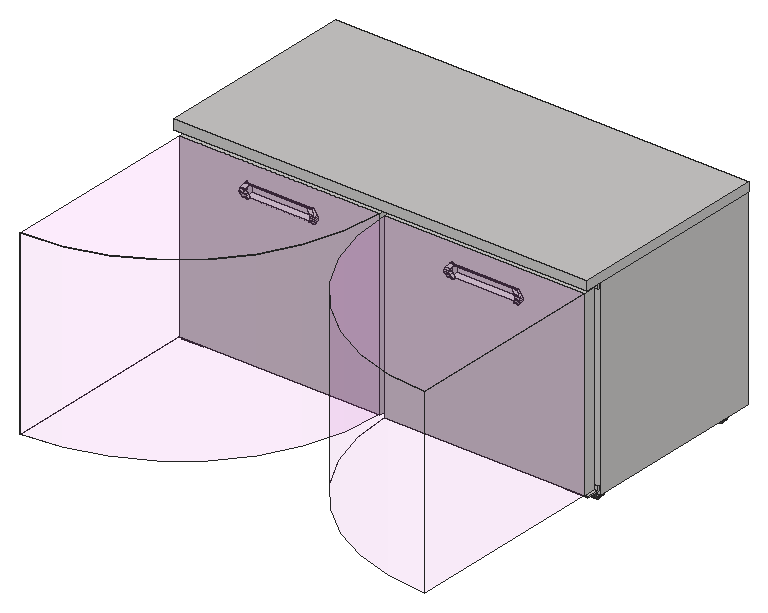
Revit family "Qf_Kelvinator_738333_KCHUC60R-32_2-Door_Under_Counter_Refrigerator_61_Long_32.5_Tall", category Specialty Equipment, Revit 2021
Family settings
  Round Connector Dimension = Use Diameter
  Part Type = Normal
  Work Plane-Based = No
  Always vertical = Yes
  Cut with Voids When Loaded = No
  Shared = No
  Room Calculation Point = No
Parameters
  Weight in Pounds = 222.667
  Watts = if(Phase = 3, Volts * FL Amps * 1.73, Volts * FL Amps)  # 345 W
  Volts = 115 V
  URL Cutsheet = ""
  Specification by User = ""
  Specification by Manufacturer = ""
  Show Clearance [instance] = yes
  Serial Number = ""
  Seismic Rating = ""
  SMACNA No = ""
  Revision Code = ""
  Refrigerant Type = "R600a"
  Phase = 1
  Number of Poles = 1
  NAFEM Spec ID Number = ""
  Model = "738333 (KCHUC60R-32)"
  Min Ckt Ampacity = 0 A
  Max Overcurrent Protection = 0 A
  Masterspec = ""
  Manufacturer = "Kelvinator Commercial"
  Length = 61 1/4"
  Item Number = "738333"
  Installed By = ""
  Identify Quantity as Lot = yes
  Height = 32 1/16"
  HP = "1/8"
  Furnished By = ""
  Foodservice Equipment Identifier = yes
  FL Amps = 3 A
  Electrical Remarks = ""
  Electric Connection Type = ""
  Elec Conn RI Height = 0"
  Elec Conn Connection Height = 0"
  Description = "2-Door Under Counter Refrigerator 61\" Long 32.5\" Tall"
  Depth = 29 15/16"
  Default Elevation = 0"
  Cycle = 60 Hz
  Conn Plug = "5-15P"
  Conn Conduit = yes
  CSI MasterFormat = ""
  Apparent Power = if(Phase = 3, Volts * FL Amps * 1.73, Volts * FL Amps)  # 345 VA
Reference planes (in)
  plane 1 "BACK": y = 0
  plane 2: z = 0
  plane 3 "LEFT": x = 0
  plane 4 "RIGHT": x = 61.22047
  plane 5 "FRONT": y = -29.92126
  plane 6 "TOP": z = 32.08661
  plane 7 "Center Y": x = 30.61024
  plane 8 "Center X": y = -14.96063
  plane 9 "Base Height": z = 2.3622
  plane 10: x = 56.88976
  plane 11: x = 61.25
  plane 12: y = -29.9375
  plane 13: z = 32.0625
Forms (in)
  Extrusion 1, solid, material "QF_Metal - Stainless - Polished"
    sketch origin (0, 0, 32.08661) x (-1, 0, 0) y (0, -1, 0)
      loop
        line (0, 0) -> (0, 29.9375) -> (-61.25, 29.9375) -> (-61.25, 0) -> (0, 0)
    from -0.02411 to -1.37795
  Extrusion 2, solid, material "QF_Metal - Stainless - Polished"
    sketch origin (61.25, 0, 32.08661) x (0, -1, 0) y (0, 0, -1)
      loop
        line (0, 1.37795) -> (27.19734, 1.37795) -> (27.19734, 29.72441) -> (11.81102, 29.72441) -> (11.81102, 20.19685) -> (0, 20.19685) -> (0, 1.37795)
    from -2.30315 to -58.91732
  Extrusion 3, solid, material "QF_Metal - Stainless - Polished"
    sketch origin (0, 0, 0) x (1, 0, 0) y (0, 0, 1)
      loop
        line (2.30315, 2.3622) -> (2.30315, 30.70866) -> (0.09843, 30.70866) -> (0.09843, 2.3622) -> (2.30315, 2.3622)
      loop
        line (61.12205, 30.70866) -> (58.91732, 30.70866) -> (58.91732, 2.3622) -> (61.12205, 2.3622) -> (61.12205, 30.70866)
    from 0 to 27.1811
  Extrusion 4, solid, material "QF_Metal - Stainless - Polished"
    sketch origin (0, 0, 0) x (0, 1, 0) y (0, 0, 1)
      loop
        arc (-27.1811, 30.2126) -> (-27.23876, 30.35179) -> (-27.37795, 30.40945) r 0.19685
        line (-27.37795, 30.40945) -> (-29.08661, 30.40945) -> (-29.08661, 30.29134) -> (-27.29921, 30.29134) -> (-27.29921, 29.66142) -> (-27.1811, 29.66142) -> (-27.1811, 30.2126)
    from 0.45276 to 3.75984
  Extrusion 5, solid, material "QF_Metal - Stainless - Polished"
    sketch origin (0, -27.1811, 0) x (1, 0, 0) y (0, 0, 1)
      loop
        line (30.21654, 29.96063) -> (0.61024, 29.96063) -> (0.61024, 3.16929) -> (30.21654, 3.16929) -> (30.21654, 29.96063)
      loop
        line (31.00394, 29.96063) -> (31.00394, 3.16929) -> (60.61024, 3.16929) -> (60.61024, 29.96063) -> (31.00394, 29.96063)
    from 0.61024 to 2.3937
  Revolve 6, solid, material "QF_Metal - Stainless - Polished"
    sketch origin (1.20079, -180, 31.37695) x (0, 0, 1) y (0, -1, 0)
      loop
        line (-1.41632, -151.31693) -> (-1.41632, -151.45472) -> (-0.9675, -151.45472)
        arc (-0.9675, -151.45472) -> (-0.93232, -151.44015) -> (-0.91774, -151.40497) r 0.04975
        line (-0.91774, -151.40497) -> (-0.91774, -151.31693) -> (-1.41632, -151.31693)
      axis (-0.91774, -151.31693) -> (-1.41632, -151.31693)
    angle from 0 to 360
  Extrusion 7, solid, material "QF_Metal - Stainless - Polished"
    sketch origin (61.22047, 0, 0) x (0, 1, 0) y (0, 0, -1)
      loop
        line (-27.1811, -30.2126) -> (-27.1811, -29.66142) -> (-27.29921, -29.66142) -> (-27.29921, -30.29134) -> (-29.08661, -30.29134) -> (-29.08661, -30.40945) -> (-27.37795, -30.40945)
        arc (-27.37795, -30.40945) -> (-27.23876, -30.35179) -> (-27.1811, -30.2126) r 0.19685
    from 0.45276 to 3.75984
  Revolve 8, solid, material "QF_Metal - Stainless - Polished"
    sketch origin (60.01969, -180, 31.37695) x (0, 0, 1) y (0, 1, 0)
      loop
        line (-1.41632, 151.31693) -> (-0.91774, 151.31693) -> (-0.91774, 151.40497)
        arc (-0.91774, 151.40497) -> (-0.93232, 151.44015) -> (-0.9675, 151.45472) r 0.04975
        line (-0.9675, 151.45472) -> (-1.41632, 151.45472) -> (-1.41632, 151.31693)
      axis (-0.91774, 151.31693) -> (-1.41632, 151.31693)
    angle from 0 to 360
  Extrusion 9, solid, material "QF_Metal - Stainless - Polished"
    sketch origin (0, 0, 33.12992) x (0, 1, 0) y (0, 0, 1)
      loop
        line (-27.1811, -30.2126) -> (-27.1811, -29.66142) -> (-27.29921, -29.66142) -> (-27.29921, -30.29134) -> (-29.08661, -30.29134) -> (-29.08661, -30.40945) -> (-27.37795, -30.40945)
        arc (-27.37795, -30.40945) -> (-27.23876, -30.35179) -> (-27.1811, -30.2126) r 0.19685
    from 0.45276 to 3.75984
  Revolve 10, solid, material "QF_Metal - Stainless - Polished"
    sketch origin (1.20079, -180, 1.75298) x (0, 0, -1) y (0, 1, 0)
      loop
        line (-1.41632, 151.31693) -> (-0.91774, 151.31693) -> (-0.91774, 151.40497)
        arc (-0.91774, 151.40497) -> (-0.93232, 151.44015) -> (-0.9675, 151.45472) r 0.04975
        line (-0.9675, 151.45472) -> (-1.41632, 151.45472) -> (-1.41632, 151.31693)
      axis (-0.91774, 151.31693) -> (-1.41632, 151.31693)
    angle from 0 to 360
  Extrusion 11, solid, material "QF_Metal - Stainless - Polished"
    sketch origin (61.22047, 0, 33.12992) x (0, 1, 0) y (0, 0, -1)
      loop
        arc (-27.1811, 30.2126) -> (-27.23876, 30.35179) -> (-27.37795, 30.40945) r 0.19685
        line (-27.37795, 30.40945) -> (-29.08661, 30.40945) -> (-29.08661, 30.29134) -> (-27.29921, 30.29134) -> (-27.29921, 29.66142) -> (-27.1811, 29.66142) -> (-27.1811, 30.2126)
    from 0.45276 to 3.75984
  Revolve 12, solid, material "QF_Metal - Stainless - Polished"
    sketch origin (60.01969, -180, 1.75298) x (0, 0, -1) y (0, -1, 0)
      loop
        line (-1.41632, -151.31693) -> (-1.41632, -151.45472) -> (-0.9675, -151.45472)
        arc (-0.9675, -151.45472) -> (-0.93232, -151.44015) -> (-0.91774, -151.40497) r 0.04975
        line (-0.91774, -151.40497) -> (-0.91774, -151.31693) -> (-1.41632, -151.31693)
      axis (-0.91774, -151.31693) -> (-1.41632, -151.31693)
    angle from 0 to 360
  Extrusion 13, void
    sketch origin (0.61024, -27.1811, 30.40945) x (0, 0, 1) y (0, 1, 0)
      loop
        line (-3.18898, -2.3937) -> (-2.568, -2.10413) -> (-2.568, -1.51358) -> (-4.86745, -1.51358) -> (-5.10327, -2.3937) -> (-5.10327, -2.89858) -> (-3.18898, -2.89858) -> (-3.18898, -2.3937)
    from -9.9244 to -19.68047
  Extrusion 14, solid, material "QF_Metal - Stainless - Polished"
    sketch origin (0.61024, -27.1811, 30.40945) x (0, 0, 1) y (0, 1, 0)
      loop
        arc (-4.01855, -2.88583) -> (-3.90374, -2.87427) -> (-3.79354, -2.84005) r 0.57588
        line (-3.79354, -2.84005) -> (-3.2345, -2.60275)
        arc (-3.2345, -2.60275) -> (-3.20123, -2.5711) -> (-3.18898, -2.52684) r 0.08605
        line (-3.18898, -2.52684) -> (-3.18898, -2.3937) -> (-5.15748, -2.3937) -> (-5.15748, -2.52684)
        arc (-5.15748, -2.52684) -> (-5.14523, -2.5711) -> (-5.11196, -2.60275) r 0.08605
        line (-5.11196, -2.60275) -> (-4.55294, -2.84004)
        arc (-4.55294, -2.84004) -> (-4.44272, -2.87426) -> (-4.32788, -2.88583) r 0.57598
        line (-4.32788, -2.88583) -> (-4.01855, -2.88583)
    from -9.00939 to -20.57761
  Extrusion 15, void
    sketch origin (0, -29.5748, 0) x (1, 0, 0) y (0, 0, 1)
      loop
        arc (10.1421, 25.29885) -> (10.17939, 25.26444) -> (10.22858, 25.25197) r 0.10321
        line (10.22858, 25.25197) -> (10.96041, 25.25197)
        arc (10.96041, 25.25197) -> (10.98985, 25.2695) -> (10.98847, 25.30374) r 0.0335
        line (10.98847, 25.30374) -> (10.62571, 25.86078)
        arc (10.62571, 25.86078) -> (10.55788, 26.00753) -> (10.53463, 26.16752) r 0.5621
        line (10.53463, 26.16752) -> (10.53463, 26.29014)
        arc (10.53463, 26.29014) -> (10.54993, 26.38951) -> (10.5944, 26.47968) r 0.33045
        line (10.5944, 26.47968) -> (11.00711, 27.06909)
        arc (11.00711, 27.06909) -> (11.07746, 27.13079) -> (11.16836, 27.15304) r 0.19685
        line (11.16836, 27.15304) -> (19.65698, 27.15304)
        arc (19.65698, 27.15304) -> (19.74787, 27.13079) -> (19.81823, 27.06909) r 0.19685
        line (19.81823, 27.06909) -> (20.23094, 26.47968)
        arc (20.23094, 26.47968) -> (20.27541, 26.38951) -> (20.2907, 26.29014) r 0.33045
        line (20.2907, 26.29014) -> (20.2907, 26.16752)
        arc (20.2907, 26.16752) -> (20.26745, 26.00753) -> (20.19963, 25.86078) r 0.5621
        line (20.19963, 25.86078) -> (19.83686, 25.30374)
        arc (19.83686, 25.30374) -> (19.83548, 25.2695) -> (19.86493, 25.25197) r 0.0335
        line (19.86493, 25.25197) -> (20.59676, 25.25197)
        arc (20.59676, 25.25197) -> (20.64595, 25.26444) -> (20.68324, 25.29885) r 0.10321
        line (20.68324, 25.29885) -> (20.97543, 25.74751)
        arc (20.97543, 25.74751) -> (21.02525, 25.8618) -> (21.03507, 25.98609) r 0.37698
        line (21.03507, 25.98609) -> (21.01172, 26.253)
        arc (21.01172, 26.253) -> (20.99164, 26.34359) -> (20.94879, 26.42589) r 0.35543
        line (20.94879, 26.42589) -> (20.4485, 27.14039)
        arc (20.4485, 27.14039) -> (20.38138, 27.19925) -> (20.29466, 27.22047) r 0.1878
        line (20.29466, 27.22047) -> (10.53068, 27.22047)
        arc (10.53068, 27.22047) -> (10.44396, 27.19925) -> (10.37684, 27.14039) r 0.1878
        line (10.37684, 27.14039) -> (9.87654, 26.42589)
        arc (9.87654, 26.42589) -> (9.8337, 26.34359) -> (9.81362, 26.253) r 0.35543
        line (9.81362, 26.253) -> (9.79026, 25.98609)
        arc (9.79026, 25.98609) -> (9.80009, 25.8618) -> (9.84991, 25.74751) r 0.37698
        line (9.84991, 25.74751) -> (10.1421, 25.29885)
      loop
        line (9.42242, 27.70848) -> (9.42242, 24.83052) -> (21.38569, 24.83052) -> (21.38569, 27.70848) -> (9.42242, 27.70848)
      loop
        line (51.07694, 25.29885) -> (51.36913, 25.74751)
        arc (51.36913, 25.74751) -> (51.41895, 25.8618) -> (51.42877, 25.98609) r 0.37698
        line (51.42877, 25.98609) -> (51.40542, 26.253)
        arc (51.40542, 26.253) -> (51.38534, 26.34359) -> (51.3425, 26.42589) r 0.35543
        line (51.3425, 26.42589) -> (50.8422, 27.14039)
        arc (50.8422, 27.14039) -> (50.77508, 27.19925) -> (50.68836, 27.22047) r 0.1878
        line (50.68836, 27.22047) -> (40.92437, 27.22047)
        arc (40.92437, 27.22047) -> (40.83766, 27.19925) -> (40.77054, 27.14039) r 0.1878
        line (40.77054, 27.14039) -> (40.27024, 26.42589)
        arc (40.27024, 26.42589) -> (40.2274, 26.34359) -> (40.20732, 26.253) r 0.35543
        line (40.20732, 26.253) -> (40.18397, 25.98609)
        arc (40.18397, 25.98609) -> (40.19379, 25.8618) -> (40.24361, 25.74751) r 0.37698
        line (40.24361, 25.74751) -> (40.5358, 25.29885)
        arc (40.5358, 25.29885) -> (40.57309, 25.26444) -> (40.62228, 25.25197) r 0.10321
        line (40.62228, 25.25197) -> (41.35411, 25.25197)
        arc (41.35411, 25.25197) -> (41.38355, 25.2695) -> (41.38218, 25.30374) r 0.0335
        line (41.38218, 25.30374) -> (41.01941, 25.86078)
        arc (41.01941, 25.86078) -> (40.95159, 26.00753) -> (40.92834, 26.16752) r 0.5621
        line (40.92834, 26.16752) -> (40.92834, 26.29014)
        arc (40.92834, 26.29014) -> (40.94363, 26.38951) -> (40.9881, 26.47968) r 0.33045
        line (40.9881, 26.47968) -> (41.40081, 27.06909)
        arc (41.40081, 27.06909) -> (41.47116, 27.13079) -> (41.56206, 27.15304) r 0.19685
        line (41.56206, 27.15304) -> (50.05068, 27.15304)
        arc (50.05068, 27.15304) -> (50.14157, 27.13079) -> (50.21193, 27.06909) r 0.19685
        line (50.21193, 27.06909) -> (50.62464, 26.47968)
        arc (50.62464, 26.47968) -> (50.66911, 26.38951) -> (50.6844, 26.29014) r 0.33045
        line (50.6844, 26.29014) -> (50.6844, 26.16752)
        arc (50.6844, 26.16752) -> (50.66115, 26.00753) -> (50.59333, 25.86078) r 0.5621
        line (50.59333, 25.86078) -> (50.23056, 25.30374)
        arc (50.23056, 25.30374) -> (50.22919, 25.2695) -> (50.25863, 25.25197) r 0.0335
        line (50.25863, 25.25197) -> (50.99046, 25.25197)
        arc (50.99046, 25.25197) -> (51.03965, 25.26444) -> (51.07694, 25.29885) r 0.10321
      loop
        line (51.79662, 27.70848) -> (39.83334, 27.70848) -> (39.83334, 24.83052) -> (51.79662, 24.83052) -> (51.79662, 27.70848)
    from 0 to 0.84096
  Extrusion 16, void
    sketch origin (35.80709, -27.1811, 30.40945) x (0, 0, 1) y (0, -1, 0)
      loop
        line (-3.18898, 2.3937) -> (-3.18898, 2.89858) -> (-5.10327, 2.89858) -> (-5.10327, 2.3937) -> (-4.86745, 1.51358) -> (-2.568, 1.51358) -> (-2.568, 2.10413) -> (-3.18898, 2.3937)
    from 14.87732 to 5.12125
  Extrusion 17, solid, material "QF_Metal - Stainless - Polished"
    sketch origin (60.61024, -27.1811, 3.16929) x (0, 0, 1) y (0, -1, 0)
      loop
        line (24.00566, 2.60275) -> (23.44662, 2.84005)
        arc (23.44662, 2.84005) -> (23.33642, 2.87427) -> (23.22161, 2.88583) r 0.57588
        line (23.22161, 2.88583) -> (22.91227, 2.88583)
        arc (22.91227, 2.88583) -> (22.79744, 2.87426) -> (22.68722, 2.84004) r 0.57598
        line (22.68722, 2.84004) -> (22.1282, 2.60275)
        arc (22.1282, 2.60275) -> (22.09493, 2.5711) -> (22.08268, 2.52684) r 0.08605
        line (22.08268, 2.52684) -> (22.08268, 2.3937) -> (24.05118, 2.3937) -> (24.05118, 2.52684)
        arc (24.05118, 2.52684) -> (24.03893, 2.5711) -> (24.00566, 2.60275) r 0.08605
    from -8.96081 to -20.59116
  Extrusion 18, solid, material "QF_Metal - Stainless - Polished"
    sketch origin (0.09843, 0, 2.3622) x (0, 0, 1) y (0, 1, 0)
      loop
        line (0, -11.81102) -> (0, 0) -> (-0.70866, 0) -> (-0.70866, -0.31496) -> (-0.64961, -0.31496) -> (-0.64961, -0.05906) -> (-0.05906, -0.05906) -> (-0.05906, -11.75197) -> (-0.64961, -11.75197) -> (-0.64961, -11.49606) -> (-0.70866, -11.49606) -> (-0.70866, -11.81102) -> (0, -11.81102)
      loop
        line (0, -27.02362) -> (0, -21.82677) -> (-0.70866, -21.82677) -> (-0.70866, -22.14173) -> (-0.64961, -22.14173) -> (-0.64961, -21.88583) -> (-0.05906, -21.88583) -> (-0.05906, -27.02362) -> (0, -27.02362)
    from -0.94882 to -60.0748
  Extrusion 19, solid, material "QF_Metal - Stainless - Polished"
    sketch origin (0, 0, 0) x (-1, 0, 0) y (0, 0, 1)
      loop
        line (-2.30315, 11.88976) -> (-58.91732, 11.88976) -> (-58.91732, 2.3622) -> (-2.30315, 2.3622) -> (-2.30315, 11.88976)
    from 0 to -0.0626
  Extrusion 20, solid, material "QF_Rubber - Black - Smooth"
    sketch origin (-0.3937, 0, 0) x (-1, 0, 0) y (0, 0, 1)
      loop
        circle (-57.28346, 10.77165) r 0.25
    from 0 to 0.0626
  Extrusion 21, solid, material "QF_Clearances_Door_Drawer", visible <- "Show Clearance"
    sketch origin (24.50787, -27.1811, 3.16929) x (0, -1, 0) y (-1, 0, 0)
      loop
        line (2.3937, -6.49606) -> (2.3937, -36.10236) -> (32, -36.10236)
        arc (32, -36.10236) -> (23.32852, -15.16755) -> (2.3937, -6.49606) r 29.6063
      loop
        arc (2.3937, -5.70866) -> (23.32852, 2.96282) -> (32, 23.89764) r 29.6063
        line (32, 23.89764) -> (2.3937, 23.89764) -> (2.3937, -5.70866)
    from 0 to -26.79134
  Extrusion 22, solid, material "QF_Rubber - Black - Smooth"
    sketch origin (0, -27.79134, 0) x (-1, 0, 0) y (0, 0, 1)
      loop
        line (-1.11024, 29.46063) -> (-29.71654, 29.46063) -> (-29.71654, 3.66929) -> (-1.11024, 3.66929) -> (-1.11024, 29.46063)
      loop
        line (-60.11024, 29.46063) -> (-60.11024, 3.66929) -> (-31.50394, 3.66929) -> (-31.50394, 29.46063) -> (-60.11024, 29.46063)
    from 0 to 0.61024
Cuts and joins
  joined: Extrusion 2, Extrusion 3
  Extrusion 13, Extrusion 16 cuts Extrusion 5
  Extrusion 15 cuts Extrusion 17
  Extrusion 15 cuts Extrusion 14
Lines and regions (in)
  symbolic lines
    curve 1: line (0, 0, 32.08661) -> (61.25, 0, 32.08661)
    curve 2: line (0, -29.9375, 32.08661) -> (0, 0, 32.08661)
    curve 3: line (61.25, -29.9375, 32.08661) -> (0, -29.9375, 32.08661)
    curve 4: line (61.25, 0, 32.08661) -> (61.25, -29.9375, 32.08661)
  symbolic lines, style "QF_Clearances_Door_Drawer", visible <- "Show Clearance"
    curve 5: line (60.18282, -29.9375, 32.08661) -> (35.02077, -44.46481, 32.08661)
    curve 6: arc (35.02077, -44.46481, 32.08661) -> (32.07355, -37.4609, 32.08661) -> (31.00616, -29.9375, 32.08661) r 29.6063
    curve 7: line (1.03765, -29.9375, 32.08661) -> (26.1997, -44.46481, 32.08661)
    curve 8: arc (26.1997, -44.46481, 32.08661) -> (29.14692, -37.4609, 32.08661) -> (30.21431, -29.9375, 32.08661) r 29.6063
Dimensions and locks (in)
  equal spacing: plane 3 "LEFT", plane 7 "Center Y", plane 4 "RIGHT"
  plane 3 "LEFT" to plane 4 "RIGHT" = 61.22047"
  equal spacing: plane 5 "FRONT", plane 8 "Center X", plane 1 "BACK"
  plane 5 "FRONT" to plane 1 "BACK" = 29.92126"
  plane 6 "TOP" to level = 32.08661"
  plane 9 "Base Height" to level = 2.3622"
  plane 6 "TOP" to plane 9 "Base Height" = 29.72441"
  plane 10 to plane 4 "RIGHT" = 4.33071"
  plane 3 "LEFT" to plane 11 = 61 1/4"
  plane 12 to plane 1 "BACK" = 29 15/16"
  plane 13 to level = 32 1/16"
  aligned and locked: level to plane 2
Automatic sketch dimensions
  plane 1 "BACK" to Extrusion 1 sketch curve = 0"
  Extrusion 1 sketch curve to plane 4 "RIGHT" = 0.02953"
  Extrusion 1 sketch curve to plane 3 "LEFT" = 0"
  plane 5 "FRONT" to Extrusion 1 sketch curve = 0.01624"
  Extrusion 2 sketch curve to Extrusion 1 = 0"  (x2)
  Extrusion 1 to Extrusion 2 sketch curve = 11.81102"
  Extrusion 1 to Extrusion 2 sketch curve = 2.74016"
  Extrusion 2 sketch curve to Extrusion 1 = 18.8189"
  Extrusion 2 sketch curve to Extrusion 2 sketch curve = 9.52756"
  Extrusion 3 sketch curve to plane 9 "Base Height" = 0"  (x2)
  plane 3 "LEFT" to Extrusion 3 sketch curve = 0.09843"
  Extrusion 3 sketch curve to Extrusion 3 sketch curve = 2.20472"
  plane 4 "RIGHT" to Extrusion 3 sketch curve = 2.30315"
  plane 4 "RIGHT" to Extrusion 3 sketch curve = 0.09843"
  Extrusion 3 sketch curve to plane 6 "TOP" = 1.37795"  (x2)
  Extrusion 4 sketch curve to plane 5 "FRONT" = 0.83465"
  Extrusion 4 sketch curve to Extrusion 4 sketch curve = 1.70866"
  Extrusion 4 sketch curve to Extrusion 4 sketch curve = 0.07874"
  Extrusion 4 sketch curve to Extrusion 4 sketch curve = 0.11811"  (x2)
  Extrusion 4 sketch curve to plane 6 "TOP" = 2.4252"
  Extrusion 4 sketch curve to Extrusion 4 sketch curve = 0.55118"
  Revolve 6 sketch curve to plane 6 "TOP" = 2.12598"
  Revolve 6 sketch curve to Revolve 6 sketch curve = 0.44882"
  Revolve 6 sketch curve to Revolve 6 sketch curve = 0.04975"
  Revolve 6 sketch curve to plane 5 "FRONT" = 1.37598"
  Revolve 6 sketch curve to Revolve 6 sketch curve = 0.1378"
  Revolve 6 sketch curve to Revolve 6 sketch curve = 0.68421"
  Revolve 6 sketch curve to Revolve 6 sketch curve = 0"  (x2)
  Extrusion 7 sketch curve to plane 5 "FRONT" = 0.83465"
  Extrusion 7 sketch curve to Extrusion 7 sketch curve = 1.70866"
  Extrusion 7 sketch curve to Extrusion 7 sketch curve = 0.07874"  (x2)
  Extrusion 7 sketch curve to Extrusion 7 sketch curve = 0.11811"
  Extrusion 7 sketch curve to plane 6 "TOP" = 1.67717"
  Extrusion 7 sketch curve to Extrusion 7 sketch curve = 0.55118"
  Revolve 8 sketch curve to plane 6 "TOP" = 2.12598"
  Revolve 8 sketch curve to Revolve 8 sketch curve = 0.44882"
  Revolve 8 sketch curve to Revolve 8 sketch curve = 0.04975"
  Revolve 8 sketch curve to plane 5 "FRONT" = 1.23819"
  Revolve 8 sketch curve to Revolve 8 sketch curve = 0.08804"
  Revolve 8 sketch curve to Revolve 8 sketch curve = 0.68421"
  Revolve 8 sketch curve to Revolve 8 sketch curve = 0"  (x2)
  Extrusion 9 sketch curve to plane 5 "FRONT" = 0.83465"
  plane 9 "Base Height" to Extrusion 9 sketch curve = 0.35827"
  Extrusion 9 sketch curve to Extrusion 9 sketch curve = 1.70866"
  Extrusion 9 sketch curve to Extrusion 9 sketch curve = 0.07874"  (x2)
  Extrusion 9 sketch curve to Extrusion 9 sketch curve = 0.11811"
  Extrusion 9 sketch curve to Extrusion 9 sketch curve = 0.55118"
  plane 9 "Base Height" to Revolve 10 sketch curve = 0.80709"
  plane 9 "Base Height" to Revolve 10 sketch curve = 0.35827"
  Revolve 10 sketch curve to Revolve 10 sketch curve = 0.04975"
  Revolve 10 sketch curve to plane 5 "FRONT" = 1.23819"
  Revolve 10 sketch curve to Revolve 10 sketch curve = 0.08804"
  Revolve 10 sketch curve to Revolve 10 sketch curve = 0.68421"
  Revolve 10 sketch curve to Revolve 10 sketch curve = 0"  (x2)
  Extrusion 11 sketch curve to plane 5 "FRONT" = 0.83465"
  plane 9 "Base Height" to Extrusion 11 sketch curve = 0.35827"
  Extrusion 11 sketch curve to Extrusion 11 sketch curve = 1.70866"
  Extrusion 11 sketch curve to Extrusion 11 sketch curve = 0.07874"
  Extrusion 11 sketch curve to Extrusion 11 sketch curve = 0.11811"  (x2)
  Extrusion 11 sketch curve to Extrusion 11 sketch curve = 0.55118"
  plane 9 "Base Height" to Revolve 12 sketch curve = 0.80709"
  plane 9 "Base Height" to Revolve 12 sketch curve = 0.35827"
  Revolve 12 sketch curve to Revolve 12 sketch curve = 0.04975"
  Revolve 12 sketch curve to plane 5 "FRONT" = 1.37598"
  Revolve 12 sketch curve to Revolve 12 sketch curve = 0.1378"
  Revolve 12 sketch curve to Revolve 12 sketch curve = 0.68421"
  Revolve 12 sketch curve to Revolve 12 sketch curve = 0"  (x2)
  Extrusion 13 sketch curve to Extrusion 5 = 0"  (x2)
  Extrusion 5 to Extrusion 13 sketch curve = 4.65445"
  Extrusion 13 sketch curve to Extrusion 13 sketch curve = 0.23583"
  Extrusion 13 sketch curve to Extrusion 13 sketch curve = 1.67847"
  Extrusion 5 to Extrusion 13 sketch curve = 0.28957"
  Extrusion 13 sketch curve to Extrusion 13 sketch curve = 0.62098"
  Extrusion 13 sketch curve to Extrusion 5 = 0.50488"
  Extrusion 13 sketch curve to Extrusion 13 sketch curve = 0.59055"
  Extrusion 14 sketch curve to Extrusion 5 = 0"
  Extrusion 14 sketch curve to Extrusion 5 = 0.13314"  (x2)
  Extrusion 5 to Extrusion 14 sketch curve = 4.70866"
  Extrusion 14 sketch curve to Extrusion 5 = 0.20905"  (x2)
  Extrusion 14 sketch curve to Extrusion 14 sketch curve = 0.04552"
  Extrusion 14 sketch curve to Extrusion 5 = 0.44634"
  Extrusion 14 sketch curve to Extrusion 14 sketch curve = 0.51849"
  Extrusion 14 sketch curve to Extrusion 14 sketch curve = 0.22505"
  Extrusion 14 sketch curve to Extrusion 14 sketch curve = 0.30933"
  Extrusion 14 sketch curve to Extrusion 5 = 0.44635"
  Extrusion 14 sketch curve to Extrusion 14 sketch curve = 0.22501"
  Extrusion 14 sketch curve to Extrusion 14 sketch curve = 0.51851"
  Extrusion 14 sketch curve to Extrusion 14 sketch curve = 0.04053"
  Extrusion 14 sketch curve to Extrusion 14 sketch curve = 0.04578"
  Extrusion 16 sketch curve to plane 5 "FRONT" = 0.34646"  (x2)
  Extrusion 16 sketch curve to plane 6 "TOP" = 6.78044"
  Extrusion 16 sketch curve to Extrusion 16 sketch curve = 0.23583"
  Extrusion 16 sketch curve to Extrusion 16 sketch curve = 1.67847"
  Extrusion 16 sketch curve to Extrusion 16 sketch curve = 0.62098"
  Extrusion 16 sketch curve to plane 5 "FRONT" = 0.63603"
  Extrusion 16 sketch curve to Extrusion 16 sketch curve = 0.88012"
  plane 5 "FRONT" to Extrusion 16 sketch curve = 0.15842"
  Extrusion 17 sketch curve to Extrusion 5 = 0"
  Extrusion 17 sketch curve to Extrusion 5 = 4.70866"
  Extrusion 17 sketch curve to Extrusion 5 = 0.20905"  (x2)
  Extrusion 17 sketch curve to Extrusion 17 sketch curve = 0.04552"
  Extrusion 17 sketch curve to Extrusion 17 sketch curve = 0.04053"  (x2)
  Extrusion 17 sketch curve to Extrusion 5 = 0.44634"
  Extrusion 17 sketch curve to Extrusion 17 sketch curve = 0.51849"
  Extrusion 17 sketch curve to Extrusion 17 sketch curve = 0.22505"
  Extrusion 5 to Extrusion 17 sketch curve = 0.08375"
  Extrusion 17 sketch curve to Extrusion 17 sketch curve = 0.30933"
  Extrusion 17 sketch curve to Extrusion 5 = 0.44635"
  Extrusion 17 sketch curve to Extrusion 17 sketch curve = 0.22501"
  Extrusion 17 sketch curve to Extrusion 5 = 0.13314"
  Extrusion 17 sketch curve to Extrusion 17 sketch curve = 0.51851"
  Extrusion 3 to Extrusion 19 sketch curve = 0"
  Extrusion 19 sketch curve to Extrusion 3 = 0"  (x2)
  Extrusion 19 sketch curve to Extrusion 3 = 9.52756"
  Extrusion 20 sketch curve to Extrusion 19 = 2.02756"
  Extrusion 20 sketch curve to Extrusion 19 = 1.11811"
  Extrusion 22 sketch curve to Extrusion 5 = 1/2"  (x8)
  plane 1 "BACK" to curve 1 = 0"
  curve 1 to plane 4 "RIGHT" = 0.02953"
  plane 5 "FRONT" to curve 6 = 0.01624"
  curve 2 to plane 3 "LEFT" = 0"
  plane 4 "RIGHT" to curve 6 = 0.61024"
  plane 7 "Center Y" to curve 5 = 4.41054"
  curve 7 to plane 7 "Center Y" = 4.41054"
  plane 3 "LEFT" to curve 8 = 0.61024"
  curve 6 to plane 5 "FRONT" = 0.34646"
  curve 8 to plane 5 "FRONT" = 0.34646"
  curve 7 to curve 5 = 0"
  curve 6 to curve 5 = 0.42742"
  curve 7 to curve 8 = 0.42742"
  Extrusion 18 sketch curve to Extrusion 3 = 0"  (x3)
  Extrusion 18 sketch curve to Extrusion 3 = 0.05906"  (x2)
  Extrusion 3 to Extrusion 18 sketch curve = 0.05906"
  Extrusion 18 sketch curve to Extrusion 18 sketch curve = 0.59055"  (x3)
  Extrusion 18 sketch curve to Extrusion 18 sketch curve = 0.05906"  (x5)
  Extrusion 18 sketch curve to Extrusion 18 sketch curve = 0.25591"  (x3)
  Extrusion 18 sketch curve to Extrusion 18 sketch curve = 11.1811"
  Extrusion 18 sketch curve to Extrusion 18 sketch curve = 10.01575"
  Extrusion 3 to Extrusion 18 sketch curve = 0.15748"
  Extrusion 5 sketch curve to Extrusion 3 = 0.51181"  (x2)
  Extrusion 5 sketch curve to Extrusion 3 = 0.74803"  (x2)
  Extrusion 3 to Extrusion 5 sketch curve = 27.91339"
  Extrusion 5 sketch curve to Extrusion 5 sketch curve = 0.7874"
  Extrusion 5 sketch curve to Extrusion 3 = 0.80709"
  Extrusion 5 sketch curve to Extrusion 5 sketch curve = 0"
  Extrusion 5 to Extrusion 21 sketch curve = 0"
  Extrusion 21 sketch curve to Extrusion 5 = 0"  (x3)
  Extrusion 21 sketch curve to Extrusion 21 sketch curve = 29.6063"
  Extrusion 21 sketch curve to Extrusion 5 = 0.7874"
  plane 5 "FRONT" to curve 5 = 14.54355"
  Extrusion 15 sketch curve to Extrusion 5 = 8.81218"
  Extrusion 15 sketch curve to Extrusion 15 sketch curve = 0.36785"
  Extrusion 15 sketch curve to Extrusion 15 sketch curve = 0.02335"  (x2)
  Extrusion 15 sketch curve to Extrusion 5 = 4.21312"  (x3)
  Extrusion 15 sketch curve to Extrusion 15 sketch curve = 0.05965"  (x4)
  Extrusion 15 sketch curve to Extrusion 5 = 3.53474"  (x3)
  Extrusion 15 sketch curve to Extrusion 15 sketch curve = 0.06293"  (x4)
  Extrusion 15 sketch curve to Extrusion 15 sketch curve = 0.29218"  (x2)
  Extrusion 15 sketch curve to Extrusion 15 sketch curve = 0.37554"  (x2)
  Extrusion 15 sketch curve to Extrusion 15 sketch curve = 0.00189"  (x4)
  Extrusion 15 sketch curve to Extrusion 15 sketch curve = 0.08648"  (x4)
  Extrusion 15 sketch curve to Extrusion 5 = 2.82024"  (x4)
  Extrusion 15 sketch curve to Extrusion 15 sketch curve = 0.5003"  (x2)
  Extrusion 15 sketch curve to Extrusion 15 sketch curve = 0.15384"  (x2)
  Extrusion 15 sketch curve to Extrusion 15 sketch curve = 0.36694"  (x4)
  Extrusion 15 sketch curve to Extrusion 5 = 3.48095"  (x4)
  Extrusion 15 sketch curve to Extrusion 15 sketch curve = 0.05976"  (x4)
  Extrusion 15 sketch curve to Extrusion 5 = 4.09985"  (x3)
  Extrusion 15 sketch curve to Extrusion 15 sketch curve = 0.09108"  (x2)
  Extrusion 15 sketch curve to Extrusion 15 sketch curve = 0.33045"
  Extrusion 15 sketch curve to Extrusion 15 sketch curve = 0.3347"  (x2)
  Extrusion 15 sketch curve to Extrusion 5 = 4.65689"  (x4)
  Extrusion 15 sketch curve to Extrusion 15 sketch curve = 0.02807"  (x4)
  Extrusion 15 sketch curve to Extrusion 5 = 2.89154"  (x4)
  Extrusion 15 sketch curve to Extrusion 15 sketch curve = 0.47643"  (x2)
  Extrusion 15 sketch curve to Extrusion 15 sketch curve = 0.23164"  (x4)
  Extrusion 15 sketch curve to Extrusion 15 sketch curve = 0.16125"  (x4)
  Extrusion 15 sketch curve to Extrusion 5 = 10.55956"  (x2)
  Extrusion 15 sketch curve to Extrusion 15 sketch curve = 0.07163"  (x2)
  Extrusion 15 sketch curve to Extrusion 15 sketch curve = 0.10826"  (x2)
  Extrusion 15 sketch curve to Extrusion 15 sketch curve = 0.23938"  (x2)
  Extrusion 15 sketch curve to Extrusion 15 sketch curve = 0.27069"  (x3)
  Extrusion 15 sketch curve to Extrusion 15 sketch curve = 0.47644"  (x2)
  Extrusion 15 sketch curve to Extrusion 15 sketch curve = 0.15383"  (x2)
  Extrusion 15 sketch curve to Extrusion 15 sketch curve = 0.39713"  (x2)
  Extrusion 15 sketch curve to Extrusion 5 = 4.66178"
  Extrusion 15 sketch curve to Extrusion 15 sketch curve = 0.29115"  (x2)
  Extrusion 15 sketch curve to Extrusion 15 sketch curve = 0.3159"  (x2)
  Extrusion 15 sketch curve to Extrusion 5 = 3.70763"  (x2)
  Extrusion 15 sketch curve to Extrusion 5 = 3.97454"  (x2)
  Extrusion 15 sketch curve to Extrusion 15 sketch curve = 0.9372"
  Extrusion 15 sketch curve to Extrusion 5 = 8.82941"
  Extrusion 15 sketch curve to Extrusion 15 sketch curve = 0.35062"
  Extrusion 15 sketch curve to Extrusion 5 = 3.00444"
  Extrusion 15 sketch curve to Extrusion 15 sketch curve = 0.71968"
  Extrusion 15 sketch curve to Extrusion 15 sketch curve = 0.44866"
  Extrusion 15 sketch curve to Extrusion 15 sketch curve = 0.01828"  (x4)
  Extrusion 15 sketch curve to Extrusion 15 sketch curve = 0.46833"
  Extrusion 15 sketch curve to Extrusion 15 sketch curve = 0.42145"
  Extrusion 15 sketch curve to Extrusion 15 sketch curve = 3/64"  (x2)
  Extrusion 15 sketch curve to Extrusion 15 sketch curve = 0.23858"
  Extrusion 15 sketch curve to Extrusion 15 sketch curve = 0.42936"
  Extrusion 15 sketch curve to Extrusion 15 sketch curve = 0.20572"  (x2)
  Extrusion 15 sketch curve to Extrusion 15 sketch curve = 0.26879"  (x3)
  Extrusion 15 sketch curve to Extrusion 15 sketch curve = 0.11291"
  Extrusion 15 sketch curve to Extrusion 15 sketch curve = 0.10772"  (x2)
  Extrusion 15 sketch curve to Extrusion 15 sketch curve = 0.56809"  (x2)
  radius of Extrusion 20 sketch curve = 1/4"
Nested families (in)
  nested 1: "2 INCHES_CASTER" at (58.24409, -2.16535, 0), type "2 INCHES_CASTER"
    with Type Mark "", Specification by User "", Revision Code "", Item Number "", Installed By "", Identify Quantity as Lot yes, Furnished By "", Foodservice Equipment Identifier yes, 2.5 Inches Caster yes
  nested 2: "2 INCHES_CASTER" at (58.24409, -25.01575, 0), type "2 INCHES_CASTER"
    with Type Mark "", Specification by User "", Revision Code "", Item Number "", Installed By "", Identify Quantity as Lot yes, Furnished By "", Foodservice Equipment Identifier yes, 2.5 Inches Caster yes
  nested 3: "2 INCHES_CASTER" at (2.97638, -2.16535, 0), type "2 INCHES_CASTER"
    with Type Mark "", Specification by User "", Revision Code "", Item Number "", Installed By "", Identify Quantity as Lot yes, Furnished By "", Foodservice Equipment Identifier yes, 2.5 Inches Caster yes
  nested 4: "2 INCHES_CASTER" at (2.97638, -25.01575, 0), type "2 INCHES_CASTER"
    with Type Mark "", Specification by User "", Revision Code "", Item Number "", Installed By "", Identify Quantity as Lot yes, Furnished By "", Foodservice Equipment Identifier yes, 2.5 Inches Caster yes
Connectors (in)
  electrical at (56.88976, 0.0626, 10.77165), driven by "Volts"
    settings: on Extrusion 20, index 1, voltage 115 V, apparent load 0 VA, apparent load phase1 0 VA, apparent load phase2 0 VA, apparent load phase3 0 VA, power factor 1, load classification "Other", number of poles 1, system type 30, power factor state 1, is connector primary yes, connector utility no, sub classification motor no, connector description "Electrical Connection"
Definition of nested family "2 INCHES_CASTER"
  Parameters (values of type "2 INCHES_CASTER")
    Weight = ""
    URL Manufacturer = ""
    URL Cutsheet = ""
    URL = ""
    Type Mark [instance] = ""
    Specification by User [instance] = ""
    Specification by Manufacturer = ""
    Serial Number = ""
    Seismic Rating = ""
    SMACNA No = ""
    Revision Code [instance] = ""
    Omniclass Number and Title = ""
    NAFEM Spec ID Number = ""
    Model = ""
    MasterSpec. = ""
    Manufacturer = ""
    Item Number [instance] = ""
    Installed By [instance] = ""
    Identify Quantity as Lot [instance] = yes
    Furnished By [instance] = ""
    Foodservice Equipment Identifier [instance] = yes
    Description = ""
    Default Elevation = 0"
    CSI MasterFormat = ""
    CSI Master Format = ""
    Assembly Code = ""
    2.5 Inches Caster [instance] = yes
  Reference planes (in)
    plane 1: z = 0
    plane 2 "RIGHT": x = 0
    plane 3 "FRONT": y = 0
    plane 4 "TOP": z = 2.30315
  Forms (in)
    Revolve 1, solid, visible <- "2.5 Inches Caster"
      sketch origin (-1.93794, 0.46818, -1.0041) x (1, 0, 0) y (0, 0, 1)
        loop
          line (0.74055, 1.86347) -> (0.74055, 1.78797) -> (0.79055, 1.73797) -> (0.85055, 1.73797) -> (0.85055, 1.6179) -> (1.235, 1.6179) -> (1.235, 1.55055) -> (1.38673, 1.46295) -> (1.4003, 1.3791) -> (1.34375, 1.3791) -> (1.34375, 1.2541) -> (1.375, 1.2541) -> (1.375, 1.0041) -> (2.48438, 1.0041) -> (2.48438, 1.2541) -> (2.51563, 1.2541) -> (2.51563, 1.3791) -> (2.45908, 1.3791) -> (2.47322, 1.46647) -> (2.62438, 1.55374) -> (2.62438, 1.6179) -> (3.04007, 1.6179) -> (3.04007, 1.73797) -> (3.10007, 1.73797) -> (3.15007, 1.78797) -> (3.15007, 1.86347) -> (0.74055, 1.86347)
        axis (0.74055, 1.86347) -> (3.15007, 1.86347)
      angle from 0 to 360
    Extrusion 2, solid, visible <- "2.5 Inches Caster"
      sketch origin (-1.93794, 1.43296, -3.41527) x (0, 1, 0) y (0, 0, 1)
        loop
          line (-0.64294, 5.3791) -> (-2.21294, 5.3791) -> (-2.21294, 5.24769) -> (-1.37414, 5.24769)
          arc (-1.37414, 5.24769) -> (-0.62115, 5.15851) -> (0.05138, 4.80832) r 2.10495
          line (0.05138, 4.80832) -> (0.12713, 4.91318)
          arc (0.12713, 4.91318) -> (-0.07255, 5.06376) -> (-0.29048, 5.18644) r 1.8753
          line (-0.29048, 5.18644) -> (-0.22239, 5.30423)
          arc (-0.22239, 5.30423) -> (-0.42936, 5.36024) -> (-0.64294, 5.3791) r 1.21859
      from 1.17357 to 2.70231
    Revolve 3, solid, visible <- "2.5 Inches Caster"
      sketch origin (0, 1.73858, -3.75) x (0, 1, 0) y (0, 0, 1)
        loop
          line (-1.73858, 5.71382) -> (-1.05793, 5.71382) -> (-1.05793, 6.05315) -> (-1.73858, 6.05315) -> (-1.73858, 5.71382)
        axis (-1.73858, 5.71382) -> (-1.73858, 6.05315)
      angle from 0 to 360
    Extrusion 4, solid, visible <- "2.5 Inches Caster"
      sketch origin (-1.98481, 1.43296, -1.7541) x (0, 1, 0) y (0, 0, 1)
        loop
          line (-2.21294, 3.71792) -> (-2.21294, 3.58652) -> (-1.94904, 3.58652)
          arc (-1.94904, 3.58652) -> (-1.56115, 3.28048) -> (-1.39241, 2.81612) r 0.90292
          arc (-1.39241, 2.81612) -> (-1.36136, 2.62044) -> (-1.29729, 2.43295) r 1.15385
          arc (-1.29729, 2.43295) -> (-0.94802, 2.21237) -> (-0.6121, 2.45278) r 0.37001
          arc (-0.6121, 2.45278) -> (-0.59625, 2.50123) -> (-0.58446, 2.55082) r 0.61695
          arc (-0.58446, 2.55082) -> (-0.36134, 2.95548) -> (0.05609, 3.15367) r 0.75313
          line (0.05609, 3.15367) -> (0.12713, 3.252)
          arc (0.12713, 3.252) -> (-0.07255, 3.40259) -> (-0.29048, 3.52526) r 1.8753
          line (-0.29048, 3.52526) -> (-0.22239, 3.64306)
          arc (-0.22239, 3.64306) -> (-0.42936, 3.69906) -> (-0.64294, 3.71792) r 1.21859
          line (-0.64294, 3.71792) -> (-2.21294, 3.71792)
      from 2.74918 to 2.90825
    Extrusion 5, solid, visible <- "2.5 Inches Caster"
      sketch origin (1.98481, 1.43296, -1.7541) x (0, 1, 0) y (0, 0, -1)
        loop
          arc (-0.58446, -2.55082) -> (-0.59625, -2.50123) -> (-0.6121, -2.45278) r 0.61695
          arc (-0.6121, -2.45278) -> (-0.94802, -2.21237) -> (-1.29729, -2.43295) r 0.37001
          arc (-1.29729, -2.43295) -> (-1.36136, -2.62044) -> (-1.39241, -2.81612) r 1.15385
          arc (-1.39241, -2.81612) -> (-1.56115, -3.28048) -> (-1.94904, -3.58652) r 0.90292
          line (-1.94904, -3.58652) -> (-2.21294, -3.58652) -> (-2.21294, -3.71792) -> (-0.64294, -3.71792)
          arc (-0.64294, -3.71792) -> (-0.42936, -3.69906) -> (-0.22239, -3.64306) r 1.21859
          line (-0.22239, -3.64306) -> (-0.29048, -3.52526)
          arc (-0.29048, -3.52526) -> (-0.07255, -3.40259) -> (0.12713, -3.252) r 1.8753
          line (0.12713, -3.252) -> (0.05609, -3.15367)
          arc (0.05609, -3.15367) -> (-0.36134, -2.95548) -> (-0.58446, -2.55082) r 0.75313
      from 2.74918 to 2.90825
  Lines and regions (in)
    symbolic lines, visible <- "2.5 Inches Caster"
      curve 1: line (0.10651, 1.59133, 0) -> (0.80944, 1.1855, 0)
      curve 2: line (-0.89349, -0.14072, 0) -> (0.10651, 1.59133, 0)
      curve 3: line (-0.19056, -0.54656, 0) -> (-0.89349, -0.14072, 0)
      curve 4: line (0.80944, 1.1855, 0) -> (-0.19056, -0.54656, 0)
  Dimensions and locks (in)
    plane 4 "TOP" to level = 2.30315"  (x2)
    aligned and locked: level to plane 1
